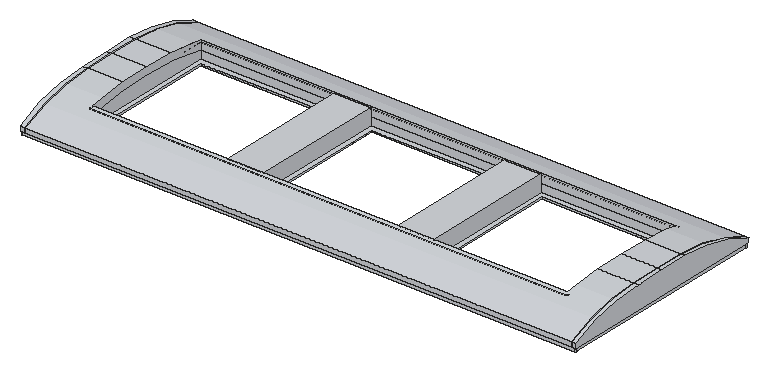
Revit family "Gira_0213776", category Electrical Fixtures, host Face, Revit 2017
Family settings
  Host = Face
  Maintain Annotation Orientation = No
  Round Connector Dimension = Use Diameter
  Part Type = Normal
  Cut with Voids When Loaded = No
  Shared = No
  Room Calculation Point = No
Parameters (values of type "Cov.fr. 3-g interm.fr. CAl Gira Event Clear sand")
  With mounting grid = "No"
  With hinged lid = "No"
  URL = "http://katalog.gira.de/en/datenblatt.html?artikelnr=0213776"
  Type of fastening = "Clamp mounting"
  Transparent = "No"
  Surface protection = "Other"
  Surface finishing = "Glossy"
  Suitable for wall duct = "No"
  Suitable for flush-mounted installation = "Yes"
  Suitable for floor box = "No"
  Suitable for built-in installation = "No"
  Number of units vertical = "3"
  Number of units horizontal = "3"
  Number of units = "3"
  Name = "Cov.fr. 3-g interm.fr. CAl Gira Event Clear sand"
  Mounting direction = "Horizontal and vertical"
  Material quality = "Thermoplastic"
  Material = "Plastic"
  Manufacturer URL = "https://www.gira.de/"
  Manufacturer = "Gira"
  Label space/information surface = "No"
  Keynote = ""
  HeinzeBIM = "https://bimportal.heinze.de/bim/cov-fr-3-g-interm-fr-cal-gira-event-clear-sand/d08ce8fd07b4eaae26e2399402d2b7e51abaf1fb"
  Halogen free = "Yes"
  HAN = "0213776"
  GTIN = "4010337069614"
  Description = "Cov.fr.3g i.fr.CAl EvCl SD,Gira Event Clear cover frame,sand with colour aluminium intermediate frame,3-gang,Features:,- Shatter-proof."
  Degree of protection (IP) = "IP20"
  Default Elevation = 1219.2 mm
  Data sheet (1) = "https://katalog.gira.de/en/download.html?artikelnr=0213776"
  Colour = "Other"
  Category = "Cover frame for domestic switching devices"
  BIM (1) = "https://media.stage.bim.site/public/gira/36a6b08/Event_Rahmen_3fach.rfa"
  Available = "No"
Reference planes
  plane 1 "Center (Front/Back)": y = 0
  plane 2: z = 0
  plane 3 "Center (Left/Right)": x = 0
Forms (mm)
  Extrusion 1, solid, detail levels fine
    sketch origin (0, 0, 0.05) x (0, 1, 0) y (0, 0, 1)
      loop
        arc (12.445, 9.683) -> (6.223, 9.833) -> (0, 9.85) r 291.636
        arc (0, 9.85) -> (-6.223, 9.833) -> (-12.445, 9.683) r 291.636
        arc (-12.445, 9.683) -> (-29.14, 7.482) -> (-45, 1.823) r 79.728
        line (-45, 1.823) -> (-45, -0.05) -> (-42.086, -0.05)
        arc (-42.086, -0.05) -> (-21.385, 5.559) -> (0, 7.206) r 114.424
        arc (0, 7.206) -> (21.385, 5.559) -> (42.086, -0.05) r 114.424
        line (42.086, -0.05) -> (45, -0.05) -> (45, 1.823)
        arc (45, 1.823) -> (29.14, 7.482) -> (12.445, 9.683) r 79.728
    from -114.3 to 114.3
  Extrusion 2, void, detail levels fine
    sketch origin (0, 0, 0) x (1, 0, 0) y (0, 1, 0)
      loop
        line (-99.355, -28.053) -> (99.355, -28.053) -> (99.355, 28.053) -> (-99.355, 28.053) -> (-99.355, -28.053)
    from 0.724 to 11
  Extrusion 3, solid, detail levels coarse
    sketch origin (0, 0, 0) x (1, 0, 0) y (0, 1, 0)
      loop
        line (-116.3, 45) -> (-116.3, -45) -> (116.3, -45) -> (116.3, 45) -> (-116.3, 45)
    from -1.5 to 9.9
  Extrusion 4, solid, detail levels medium
    sketch origin (0, 0, 0.05) x (0, 1, 0) y (0, 0, 1)
      loop
        arc (12.445, 9.683) -> (6.223, 9.833) -> (0, 9.85) r 291.636
        arc (0, 9.85) -> (-6.223, 9.833) -> (-12.445, 9.683) r 291.636
        arc (-12.445, 9.683) -> (-29.14, 7.482) -> (-45, 1.823) r 79.728
        line (-45, 1.823) -> (-45, -0.05) -> (45, -0.05) -> (45, 1.823)
        arc (45, 1.823) -> (29.14, 7.482) -> (12.445, 9.683) r 79.728
    from -116.3 to 116.3
  Extrusion 5, solid, detail levels fine
    sketch origin (-71.3, 0, -1.5) x (0, 1, 0) y (0, 0, -1)
      loop
        line (45, -3.373) -> (45, -1.5) -> (-45, -1.5) -> (-45, -3.373)
        arc (-45, -3.373) -> (-29.14, -9.032) -> (-12.445, -11.233) r 79.728
        arc (-12.445, -11.233) -> (-6.223, -11.383) -> (0, -11.4) r 291.636
        arc (0, -11.4) -> (6.223, -11.383) -> (12.445, -11.233) r 291.636
        arc (12.445, -11.233) -> (29.14, -9.032) -> (45, -3.373) r 79.728
    from 43 to 45
  Extrusion 6, solid, detail levels fine
    sketch origin (0, 0, 0) x (1, 0, 0) y (0, 1, 0)
      loop
        line (-97.195, 25.7) -> (-97.195, -25.7) -> (-45.395, -25.7) -> (-45.395, 25.7) -> (-97.195, 25.7)
      loop
        line (25.9, -25.7) -> (25.9, 25.7) -> (-25.9, 25.7) -> (-25.9, -25.7) -> (25.9, -25.7)
      loop
        line (-100.19, 28.49) -> (-100.19, -28.495)
        spline (-100.19, -28.495) -> (-100.181, -28.625) -> (-100.156, -28.754) -> (-100.113, -28.878) -> (-100.056, -28.995) -> (-99.983, -29.104) -> (-99.897, -29.202) -> (-99.798, -29.288) -> (-99.69, -29.361) -> (-99.572, -29.419) -> (-99.448, -29.461) -> (-99.32, -29.486) -> (-99.19, -29.495)
        line (-99.19, -29.495) -> (99.195, -29.495)
        spline (99.195, -29.495) -> (99.325, -29.486) -> (99.454, -29.461) -> (99.578, -29.419) -> (99.695, -29.361) -> (99.804, -29.288) -> (99.902, -29.202) -> (99.988, -29.104) -> (100.061, -28.995) -> (100.119, -28.878) -> (100.161, -28.754) -> (100.186, -28.625) -> (100.195, -28.495)
        line (100.195, -28.495) -> (100.195, 28.49)
        spline (100.195, 28.49) -> (100.186, 28.62) -> (100.161, 28.748) -> (100.119, 28.872) -> (100.061, 28.99) -> (99.988, 29.098) -> (99.902, 29.197) -> (99.804, 29.283) -> (99.695, 29.356) -> (99.578, 29.413) -> (99.454, 29.456) -> (99.325, 29.481) -> (99.195, 29.49)
        line (99.195, 29.49) -> (-99.19, 29.49)
        spline (-99.19, 29.49) -> (-99.32, 29.481) -> (-99.448, 29.456) -> (-99.572, 29.413) -> (-99.69, 29.356) -> (-99.798, 29.283) -> (-99.897, 29.197) -> (-99.983, 29.098) -> (-100.056, 28.99) -> (-100.113, 28.872) -> (-100.156, 28.748) -> (-100.181, 28.62) -> (-100.19, 28.49)
      loop
        line (97.2, -25.7) -> (97.2, 25.7) -> (45.4, 25.7) -> (45.4, -25.7) -> (97.2, -25.7)
    from 0.1 to 7.3
  Extrusion 7, solid
    sketch origin (0, 0, 0) x (1, 0, 0) y (0, 1, 0)
      loop
        arc (-116, -44.2) -> (-115.854, -44.554) -> (-115.5, -44.7) r 0.5
        line (-115.5, -44.7) -> (115.5, -44.7)
        arc (115.5, -44.7) -> (115.854, -44.554) -> (116, -44.2) r 0.5
        line (116, -44.2) -> (116, 44.2)
        arc (116, 44.2) -> (115.854, 44.554) -> (115.5, 44.7) r 0.5
        line (115.5, 44.7) -> (-115.5, 44.7)
        arc (-115.5, 44.7) -> (-115.854, 44.554) -> (-116, 44.2) r 0.5
        line (-116, 44.2) -> (-116, -44.2)
      loop
        line (-114.3, 43) -> (-114.3, -43) -> (114.3, -43) -> (114.3, 43) -> (-114.3, 43)
    from -1.5 to 0.5
  Extrusion 8, solid, detail levels fine
    sketch origin (71.3, 0, -1.5) x (0, 1, 0) y (0, 0, 1)
      loop
        arc (45, 3.373) -> (29.14, 9.032) -> (12.445, 11.233) r 79.728
        arc (12.445, 11.233) -> (6.223, 11.383) -> (0, 11.4) r 291.636
        arc (0, 11.4) -> (-6.223, 11.383) -> (-12.445, 11.233) r 291.636
        arc (-12.445, 11.233) -> (-29.14, 9.032) -> (-45, 3.373) r 79.728
        line (-45, 3.373) -> (-45, 1.5) -> (45, 1.5) -> (45, 3.373)
    from 43 to 45
  Extrusion 9, solid, detail levels medium
    sketch origin (0, 0, 0) x (1, 0, 0) y (0, 1, 0)
      loop
        line (-116, -44.7) -> (116, -44.7) -> (116, 44.7) -> (-116, 44.7) -> (-116, -44.7)
    from -1.5 to 0.5
  Extrusion 10, solid, detail levels fine
    sketch origin (-34.207, 0, 0) x (1, 0, 0) y (0, 1, 0)
      loop
        line (-8.943, 28.063) -> (-8.943, -27.937) -> (6.057, -27.937) -> (6.057, 28.063) -> (-8.943, 28.063)
    from 0.724 to 7.566
  Extrusion 11, solid, detail levels fine
    sketch origin (34.207, 0, 0) x (-1, 0, 0) y (0, -1, 0)
      loop
        line (-8.943, -28.063) -> (6.057, -28.063) -> (6.057, 27.937) -> (-8.943, 27.937) -> (-8.943, -28.063)
    from 0.724 to 7.566
Cuts and joins
  Extrusion 2 cuts Extrusion 1
  Extrusion 2 cuts Extrusion 6
Dimensions and locks
  aligned and locked: plane 2 to host face
  aligned and locked: level to host face
